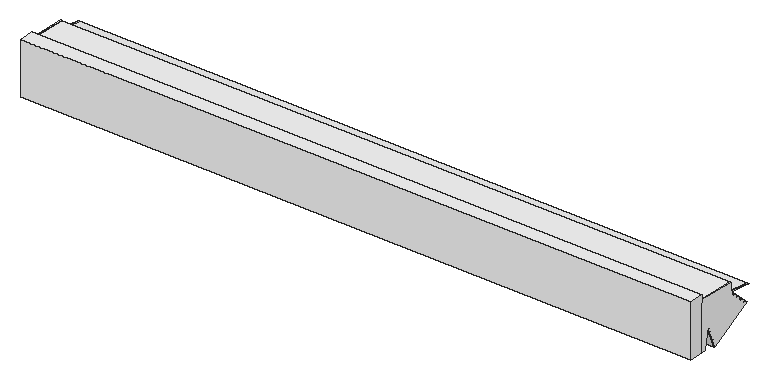
Revit family "Linus LED - Wall based", category Lighting Fixtures, host Wall, Revit 2014
Parameters (values of type "Linus LED")
  Wattage = 22 W
  WarrantyGuarantorParts = "n/a"
  WarrantyDurationParts = "n/a"
  WarrantyDescription = "n/a"
  built-in parameter 1150110 = 1 (stored number, unit not read)
  Version = "v.1.0"
  Uniclass2 = "Pr_70_70_49_43 Light-Emitting Diode (LED) Luminaires"
  Uniclass 1.4 = "JY73"
  URL = "http://riegens.com/linus-led"
  TotalWattage = "Max. 26W"
  built-in parameter 1114217 = 1 (stored number, unit not read)
  Tilt Angle = 90.00°
  built-in parameter 1150109 = 1 (stored number, unit not read)
  built-in parameter 1150134 = 12
  TagNumber = "n/a"
  SustainabilityPerformance = "n/a"
  built-in parameter 1150113 = 1 (stored number, unit not read)
  SupplyCircuitConductorConnections = "n/a"
  Size = "123 x 1190 x 90 mm"
  Shape = "Rectangle"
  ProductInformation = "http://riegens.com/linus-led"
  PhotometricPerformance = "In accordance with BS EN 13032-1"
  Photometric Web File = "Linus LED DI 22W 4000K LensC.ies"
  PhaseReference = "IEC recommendations"
  Optic = "Direct/Asymmetric: Prismatic conical optic - PMMA (Lens C), Indirect: White back reflector."
  NominalVoltage = "220-240V"
  ModelReference = "Linus LED"
  Model = "Linus LED"
  Material = "Steel and Acrylic (PMMA)"
  ManufacturersSpecificInformation = "n/a"
  ManufacturerURL = "www.riegens.com"
  Manufacturer = "Riegens A/S"
  Lumens = 1738 lm
  LuminaireType = "Direct asymmetric/Indirect LED luminaire"
  LuminairePowerFactor = ">0,9"
  built-in parameter 1150115 = 1 (stored number, unit not read)
  built-in parameter 1150105 = 138.31 (stored number, unit not read)
  LightSource = "LED 3000K / 4000K"
  LightFixturePlacingType = "Wall"
  LightFixtureMountingType = "Surface"
  built-in parameter 1150137 = (empty or 0)
  built-in parameter 1150139 = (empty or 0)
  LampType = "LED"
  LampRating = "22W"
  LampColourRenderingIndex = "Ra>80"
  built-in parameter 1150112 = 1 (stored number, unit not read)
  built-in parameter 1150114 = 1 (stored number, unit not read)
  InternalFuse = "Only required in emergency versions"
  InsulationStandardClass = "Class 1"
  built-in parameter 1150132 = (empty or 0)
  built-in parameter 1150102 = (empty or 0)
  built-in parameter 1150138 = (empty or 0)
  built-in parameter 1150107 = 4000 (stored number, unit not read)
  built-in parameter 1150106 = 1.3831 (stored number, unit not read)
  IfcExportType = "NOTDEFINED'"
  IfcExportAs = "IfcLightFixtureType'"
  IP_Code = "IP20"
  Height 1 = 90 mm
  HasProtectiveEarth = "TRUE"
  Grade = "n/a"
  Frame Width = 123 mm
  Frame Depth = 1170 mm
  Frame = Riegens_Aluminum_powder coated white
  Fp = 1000 mm
  Finish = "Powder coated"
  Features = "n/a"
  built-in parameter 1150104 = 7.3393 (stored number, unit not read)
  Documentation = "See URL hyperlink"
  DocumentReference = "See URL hyperlink"
  Dimming Lamp Color Temperature Shift = <None>
  Description = "70-80-35 General Lighting Systems"
  ControlGearPosition = "Integrated "
  Constituents = "n/a"
  Colour = "White"
  Color Filter = 16777215
  CodePerformance = "n/a"
  CCSTopnode = "L"
  CCSClassName = "Belysningsarmatur"
  CCSClassCode = "UAC"
  BarCode = "n/a"
  BallastsCELMAEnergyEfficiencyIndex = "Class A1/A2"
  built-in parameter 1114218 = 1 (stored number, unit not read)
  BSAB 96 = "SNB.2"
  BIMObjectName = "Linus LED.rfa"
  Author = "3dbyggeri"
  built-in parameter 1150133 = 10 (stored number, unit not read)
  AssetType = "Moveable/Fixed"
  AssetIdentifier = "n/a"
  ArticleNumber = "See URL hyperlink"
  Apparent Load = 240 VA
  AccessibilityPerformance = "n/a"
Reference planes
  plane 1: y = 0
  plane 2 "Light Source Axis (L/R)": x = 125
  plane 3 "Light Source Axis (F/R)": y = 150
  plane 4 "Light Source Elevation": z = 2038
  plane 5: z = 2000
  plane 6: z = 2090
  plane 7: y = 100.5
  plane 8: y = 75
  plane 9: x = -460
  plane 10: x = 710
  plane 11: y = 162.5
  plane 12: x = -458
  plane 13: z = 2082
  plane 14: x = 708
Forms (mm)
  Extrusion 1, solid, material "Riegens_Steel_Powder coated white RAL901025"
    sketch origin (125, 0, 0) x (0, 1, 0) y (0, 0, 1)
      loop
        line (100.5, 2090) -> (75, 2090) -> (75, 2000) -> (100.5, 2000) -> (100.5, 2090)
    from -585 to 585
  Extrusion 2, solid, material "Riegens_Steel_Powder coated white RAL901025"
    sketch origin (125, 0, 0) x (0, 1, 0) y (0, 0, 1)
      loop
        line (162.5, 2082) -> (100.5, 2082) -> (100.5, 2000) -> (107.078, 2000) -> (111.997, 2035) -> (128.718, 1996) -> (198, 2036) -> (163.968, 2067.801) -> (200.871, 2063.008) -> (201, 2064) -> (162.5, 2069) -> (162.5, 2082)
    from -585 to -583
  Extrusion 3, solid, material "Riegens_Steel_Powder coated white RAL901025"
    sketch origin (1293, 0, 0) x (0, 1, 0) y (0, 0, 1)
      loop
        line (162.5, 2082) -> (100.5, 2082) -> (100.5, 2000) -> (107.078, 2000) -> (111.997, 2035) -> (128.718, 1996) -> (198, 2036) -> (163.968, 2067.801) -> (200.871, 2063.008) -> (201, 2064) -> (162.5, 2069) -> (162.5, 2082)
    from -585 to -583
  Extrusion 4, solid, material "Riegens_Steel_Powder coated white RAL901025"
    sketch origin (125, 0, 0) x (0, 1, 0) y (0, 0, 1)
      loop
        line (198, 2036) -> (163.968, 2067.801) -> (200.871, 2063.008) -> (201, 2064) -> (162.5, 2069) -> (162.5, 2082) -> (100.5, 2082) -> (100.5, 2000) -> (107.078, 2000) -> (111.997, 2035) -> (128.718, 1996) -> (130.462, 1997.007) -> (113.835, 2035.788) -> (162.702, 2066.252) -> (196.148, 2034.931) -> (198, 2036)
    from -583 to 583
  Extrusion 5, solid, material "Riegens_Acryl (PMMA)_Prismatic"
    sketch origin (125, 0, 0) x (0, 1, 0) y (0, 0, 1)
      loop
        line (130.462, 1997.007) -> (196.148, 2034.931) -> (194.491, 2036.284) -> (129.669, 1998.858) -> (130.462, 1997.007)
    from -583 to 583
Text (mm)
  text "Placement side" at (-1787.139, 1116.779, 0), in view "Ref. Level"
  text "Placement side" at (0, 2110.396, 2986.058), in view "Left"
  text "Placement side" at (0, 628.478, 3011.967), in view "Right"
Dimensions and locks
  "Height 1": plane 6 to plane 5
  locked: plane 7 to plane 8 at 25.5
  "Frame Depth": plane 9 to plane 10
  equal spacing: plane 9, plane 2 "Light Source Axis (L/R)", plane 10
  plane 11 to plane 8 = 87.5 mm
  locked: plane 9 to plane 12 at 2
  level to plane 5 = 2000 mm
  locked: plane 6 to plane 13 at 8
  locked: plane 4 "Light Source Elevation" to plane 5 at 38
  locked: plane 3 "Light Source Axis (F/R)" to plane 8 at 75
  aligned and locked: plane 1 to host wall
  aligned and locked: plane 4 "Light Source Elevation" to imposter light
  aligned and locked: plane 8 to host wall
  aligned and locked: plane 7 to Extrusion 1 sketch curve
  aligned and locked: Extrusion 1 sketch curve to plane 6
  aligned and locked: Extrusion 1 sketch curve to plane 8
  aligned and locked: Extrusion 1 sketch curve to plane 5
  aligned and locked: plane 9 to Extrusion 1
  aligned and locked: Extrusion 1 to plane 10
  aligned and locked: plane 11 to Extrusion 2 sketch curve
  aligned and locked: Extrusion 2 sketch curve to plane 7
  aligned and locked: Extrusion 2 sketch curve to plane 5
  aligned and locked: plane 9 to Extrusion 2
  aligned and locked: Extrusion 2 to plane 12
  aligned and locked: plane 11 to Extrusion 3 sketch curve
  aligned and locked: Extrusion 3 sketch curve to plane 5
  aligned and locked: Extrusion 3 sketch curve to plane 7
  aligned and locked: Extrusion 2 sketch curve to plane 13
  aligned and locked: Extrusion 3 sketch curve to plane 13
  aligned and locked: plane 14 to Extrusion 3
  aligned and locked: Extrusion 3 to plane 10
  aligned and locked: Extrusion 4 sketch curve to plane 7
  aligned and locked: Extrusion 4 sketch curve to plane 13
  aligned and locked: plane 11 to Extrusion 4 sketch curve
  aligned and locked: Extrusion 4 to plane 14
  aligned and locked: plane 12 to Extrusion 4
  aligned and locked: plane 12 to Extrusion 5
  aligned and locked: Extrusion 5 to plane 14
Automatic sketch dimensions
  Extrusion 2 sketch curve to plane 7 = 6.578 mm
  Extrusion 2 sketch curve to plane 4 "Light Source Elevation" = 3 mm
  Extrusion 2 sketch curve to plane 7 = 11.497 mm
  plane 5 to Extrusion 2 sketch curve = 4 mm
  plane 3 "Light Source Axis (F/R)" to Extrusion 2 sketch curve = 21.282 mm
  Extrusion 2 sketch curve to plane 11 = 1.468 mm
  Extrusion 2 sketch curve to plane 4 "Light Source Elevation" = 2 mm
  Extrusion 2 sketch curve to plane 11 = 35.5 mm
  Extrusion 2 sketch curve to plane 13 = 18.992 mm
  Extrusion 2 sketch curve to Extrusion 2 sketch curve = 2.871 mm
  Extrusion 2 sketch curve to plane 13 = 18 mm
  Extrusion 2 sketch curve to Extrusion 2 sketch curve = 0.129 mm
  Extrusion 3 sketch curve to plane 7 = 6.578 mm
  Extrusion 3 sketch curve to plane 4 "Light Source Elevation" = 3 mm
  Extrusion 3 sketch curve to plane 7 = 11.497 mm
  plane 5 to Extrusion 3 sketch curve = 4 mm
  plane 3 "Light Source Axis (F/R)" to Extrusion 3 sketch curve = 21.282 mm
  Extrusion 3 sketch curve to plane 11 = 1.468 mm
  Extrusion 3 sketch curve to plane 4 "Light Source Elevation" = 2 mm
  Extrusion 3 sketch curve to plane 11 = 35.5 mm
  Extrusion 3 sketch curve to plane 13 = 18.992 mm
  Extrusion 3 sketch curve to Extrusion 3 sketch curve = 2.871 mm
  Extrusion 3 sketch curve to plane 13 = 18 mm
  Extrusion 3 sketch curve to Extrusion 3 sketch curve = 0.129 mm
  plane 5 to Extrusion 4 sketch curve = 0 mm
  Extrusion 4 sketch curve to plane 7 = 6.578 mm
  Extrusion 4 sketch curve to plane 4 "Light Source Elevation" = 3 mm
  Extrusion 4 sketch curve to plane 7 = 11.497 mm
  Extrusion 4 sketch curve to plane 4 "Light Source Elevation" = 2.212 mm
  Extrusion 4 sketch curve to Extrusion 4 sketch curve = 1.838 mm
  plane 5 to Extrusion 4 sketch curve = 4 mm
  plane 3 "Light Source Axis (F/R)" to Extrusion 4 sketch curve = 21.282 mm
  plane 5 to Extrusion 4 sketch curve = 2.993 mm
  Extrusion 4 sketch curve to Extrusion 4 sketch curve = 1.744 mm
  Extrusion 4 sketch curve to plane 11 = 0.202 mm
  Extrusion 4 sketch curve to plane 11 = 1.468 mm
  Extrusion 4 sketch curve to plane 4 "Light Source Elevation" = 3.069 mm
  Extrusion 4 sketch curve to plane 11 = 33.648 mm
  Extrusion 4 sketch curve to plane 4 "Light Source Elevation" = 2 mm
  Extrusion 4 sketch curve to Extrusion 4 sketch curve = 1.852 mm
  Extrusion 4 sketch curve to plane 13 = 18.992 mm
  Extrusion 4 sketch curve to Extrusion 4 sketch curve = 2.871 mm
  Extrusion 4 sketch curve to plane 13 = 18 mm
  Extrusion 4 sketch curve to Extrusion 4 sketch curve = 0.129 mm
  Extrusion 4 sketch curve to Extrusion 4 sketch curve = 1.549 mm
  plane 5 to Extrusion 5 sketch curve = 1.142 mm
  plane 3 "Light Source Axis (F/R)" to Extrusion 5 sketch curve = 20.331 mm
  plane 5 to Extrusion 5 sketch curve = 2.993 mm
  Extrusion 5 sketch curve to Extrusion 5 sketch curve = 0.794 mm
  Extrusion 5 sketch curve to plane 4 "Light Source Elevation" = 1.716 mm
  Extrusion 5 sketch curve to plane 11 = 31.991 mm
  Extrusion 5 sketch curve to plane 4 "Light Source Elevation" = 3.069 mm
  Extrusion 5 sketch curve to Extrusion 5 sketch curve = 1.656 mm
Connectors
  electrical at (125, 75, 2045)
    settings: on Extrusion 1, index 1, voltage 0 V, apparent load 0 VA, apparent load phase1 0 VA, apparent load phase2 0 VA, apparent load phase3 0 VA, power factor 1, load classification "Other", number of poles 1, system type 31, power factor state 1, is connector primary yes, connector utility no, sub classification motor no, connector description ""
